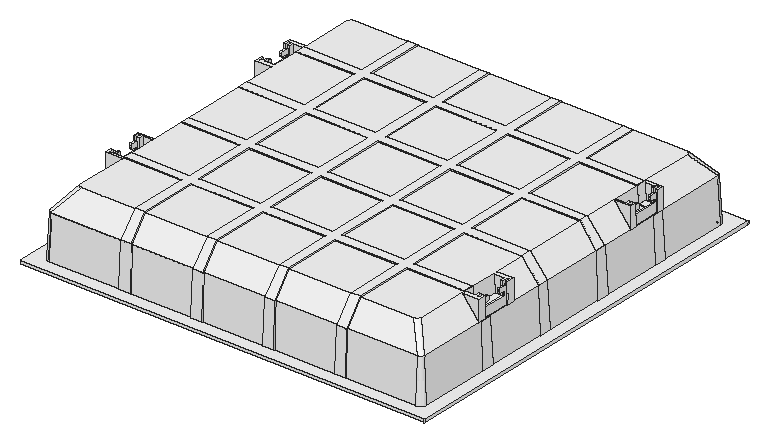
Revit family "STL24909BR_30_40_STL24909PTO_30_40", category Luminárias, Revit 2023
Family settings
  Hospedeiro = Forro
  Cota do conector redondo = Utilizar diâmetro
  Tipo de parte = Normal
  Número OmniClass = 23.80.70.11
  Título OmniClass = Luminaries for Internal Lighting
  Sempre na vertical = Sim
  Corte com vazios quando carregada = Não
  Fonte luminosa = Sim
  Manter orientação da anotação = Não
  Compartilhado = Não
  Ponto de cálculo do ambiente = Não
Parameters (values of type "STL24909BR/30 - BIVOLT - 3000K - 2400lm - 85°")
  Ângulo de inclinação = 90.00°
  Ângulo de Abertura = "85°"
  Wattage = 16.1571 W
  URL = "https://stella.com.br/"
  Troca de temperatura da cor de lâmpada com esmaecimento = <Nenhum>
  Tensão Elétrica = "127V"
  built-in parameter 1150107 = 3000 (stored number, unit not read)
  Temperatura da cor (K) = 3000 K
  Referência = "STL24909BR/30 - BIVOLT"
  Potência = 26 W
  built-in parameter 1150110 = 1 (stored number, unit not read)
  built-in parameter 1150109 = 1 (stored number, unit not read)
  built-in parameter 1114218 = 1 (stored number, unit not read)
  built-in parameter 1150112 = 1 (stored number, unit not read)
  built-in parameter 1150113 = 1 (stored number, unit not read)
  built-in parameter 1150132 = 2
  built-in parameter 1150137 = (empty or 0)
  Modelo = "S.Deep - Luminária de Embutir Super-recuada"
  Luminoso = Luminoso - 3000K
  built-in parameter 1150106 = 12.335 (stored number, unit not read)
  Largura = 0.40 m
  built-in parameter 1150102 = (empty or 0)
  built-in parameter 1150105 = 1233.5 (stored number, unit not read)
  IRC (Índice de reprodução de cores) = ">93 (R9 >60)"
  Grau de proteção (IP) = "IP20"
  Fluxo Luminoso = 2400 lm
  Color Filter = 16777215
  built-in parameter 1114217 = 1 (stored number, unit not read)
  built-in parameter 1150139 = (empty or 0)
  Fabricante = "Stella"
  Estrutura = Al - Branco
  Default Elevation = 0.00 m
  built-in parameter 1150104 = 13.8 (stored number, unit not read)
  Dimerização = "20-100%"
  built-in parameter 1150115 = 1 (stored number, unit not read)
  built-in parameter 1150114 = 1 (stored number, unit not read)
  Lumens = 2400 lm
  built-in parameter 1150138 = (empty or 0)
  built-in parameter 1150134 = (empty or 0)
  Comprimento = 0.40 m
  Arquivo de rede fotométrica = "STELLA - STL24909BR-30 - PAINEL DE EMBUTIR SUPER RECUADO S.DEEP 26W.IES"
  Altura = 0.067 m
  built-in parameter 1150133 = 10 (stored number, unit not read)
Reference planes (m)
  plane 1 "Eixo de origem da luz (F/T)": y = 0
  plane 2: z = 0
  plane 3 "Eixo de origem da luz (E/D)": x = 0
  plane 4 "Forro": z = 2.5015
  plane 5 "Elevação da origem da luz": z = 2.5085
  plane 6: x = -0.2
  plane 7: x = 0.2
  plane 8: y = -0.2
  plane 9: y = 0.2
  plane 10: z = 2.4985
  plane 11 "Superior": z = 2.5655
Forms (m)
  Sweep 1, solid, material "Al - Branco" <- "Estrutura"
    path origin (0, 0, 2.5015) x (0, 1, 0) y (-1, 0, 0)
      loop
        line (0.181131, 0.187123) -> (-0.181131, 0.187123)
        arc (-0.181131, 0.187123) -> (-0.185368, 0.185368) -> (-0.187123, 0.181131) r 0.005992
        line (-0.187123, 0.181131) -> (-0.187123, -0.181131)
        arc (-0.187123, -0.181131) -> (-0.185368, -0.185368) -> (-0.181131, -0.187123) r 0.005992
        line (-0.181131, -0.187123) -> (0.181131, -0.187123)
        arc (0.181131, -0.187123) -> (0.185368, -0.185368) -> (0.187123, -0.181131) r 0.005992
        line (0.187123, -0.181131) -> (0.187123, 0.181131)
        arc (0.187123, 0.181131) -> (0.185368, 0.185368) -> (0.181131, 0.187123) r 0.005992
    profile origin (-0.187123, 0, 2.5015) x (-1, 0, 0) y (0, 0, 1)
      loop
        line (-0.004191, 0.041751) -> (-0.002003, 0) -> (0, 0) -> (-0.002227, 0.0425) -> (-0.004191, 0.041751)
  Blend 2, solid, material "Al - Branco" <- "Estrutura"
    base sketch origin (0, 0, 2.5015) x (0, 1, 0) y (-1, 0, 0)
      loop
        arc (0.184896, 0.181131) -> (0.183793, 0.183793) -> (0.181131, 0.184896) r 0.003764
        line (0.181131, 0.184896) -> (-0.181131, 0.184896)
        arc (-0.181131, 0.184896) -> (-0.183793, 0.183793) -> (-0.184896, 0.181131) r 0.003764
        line (-0.184896, 0.181131) -> (-0.184896, -0.181131)
        arc (-0.184896, -0.181131) -> (-0.183793, -0.183793) -> (-0.181131, -0.184896) r 0.003764
        line (-0.181131, -0.184896) -> (0.181131, -0.184896)
        arc (0.181131, -0.184896) -> (0.183793, -0.183793) -> (0.184896, -0.181131) r 0.003764
        line (0.184896, -0.181131) -> (0.184896, 0.181131)
    top sketch origin (0, 0, 2.5015) x (0, 1, 0) y (-1, 0, 0)
      loop
        arc (0.16832, 0.163831) -> (0.167005, 0.167005) -> (0.163831, 0.16832) r 0.004489
        line (0.163831, 0.16832) -> (-0.163831, 0.16832)
        arc (-0.163831, 0.16832) -> (-0.167005, 0.167005) -> (-0.16832, 0.163831) r 0.004489
        line (-0.16832, 0.163831) -> (-0.16832, -0.163831)
        arc (-0.16832, -0.163831) -> (-0.167005, -0.167005) -> (-0.163831, -0.16832) r 0.004489
        line (-0.163831, -0.16832) -> (0.163831, -0.16832)
        arc (0.163831, -0.16832) -> (0.167005, -0.167005) -> (0.16832, -0.163831) r 0.004489
        line (0.16832, -0.163831) -> (0.16832, 0.163831)
    from 0.0425 to 0.0631
  Extrusion 3, solid, material "Al - Branco" <- "Estrutura"
    sketch origin (0, 0, 0) x (1, 0, 0) y (0, 0, 1)
      loop
        line (0.16832, 2.5646) -> (0.16832, 2.543251) -> (0.182932, 2.543251) -> (0.184896, 2.544) -> (0.184536, 2.5646) -> (0.16832, 2.5646)
    from -0.114467 to -0.071058
  Extrusion 4, void
    sketch origin (0, 0, 0) x (0, 1, 0) y (0, 0, 1)
      loop
        line (0.113143, 2.54173) -> (0.115219, 2.54173) -> (0.115219, 2.56606) -> (0.112725, 2.56606) -> (0.113143, 2.54173)
      loop
        line (0.072857, 2.54173) -> (0.073275, 2.56606) -> (0.070781, 2.56606) -> (0.070781, 2.54173) -> (0.072857, 2.54173)
    from 0.16812 to 0.18512
  Extrusion 5, void
    sketch origin (0, 0, 2.5015) x (0, 1, 0) y (-1, 0, 0)
      loop
        line (0.10689, -0.178482) -> (0.110469, -0.178482) -> (0.110469, -0.166955) -> (0.07554, -0.166955) -> (0.07554, -0.178482) -> (0.079118, -0.178482) -> (0.079118, -0.180798) -> (0.075294, -0.180798) -> (0.075294, -0.182998) -> (0.079118, -0.182998) -> (0.079118, -0.186216) -> (0.10689, -0.186216) -> (0.10689, -0.182998) -> (0.110715, -0.182998) -> (0.110715, -0.180798) -> (0.10689, -0.180798) -> (0.10689, -0.178482)
    from 0.0425 to 0.0636
  Extrusion 6, void
    sketch origin (0, 0, 0) x (1, 0, 0) y (0, 0, 1)
      loop
        line (0.178784, 2.5485) -> (0.178863, 2.544) -> (0.185077, 2.544) -> (0.185077, 2.565984) -> (0.168199, 2.565984) -> (0.169729, 2.5485) -> (0.178784, 2.5485)
    from -0.110469 to -0.07554
  Extrusion 7, solid, material "Al - Branco" <- "Estrutura"
    sketch origin (0, 0, 0) x (0, 1, 0) y (0, 0, 1)
      loop
        arc (0.0775, 2.561) -> (0.076086, 2.560414) -> (0.0755, 2.559) r 0.002
        line (0.0755, 2.559) -> (0.0755, 2.5419) -> (0.0725, 2.5419)
        arc (0.0725, 2.5419) -> (0.071793, 2.541607) -> (0.0715, 2.5409) r 0.001
        line (0.0715, 2.5409) -> (0.0715, 2.5389)
        arc (0.0715, 2.5389) -> (0.071793, 2.538193) -> (0.0725, 2.5379) r 0.001
        line (0.0725, 2.5379) -> (0.1135, 2.5379)
        arc (0.1135, 2.5379) -> (0.114207, 2.538193) -> (0.1145, 2.5389) r 0.001
        line (0.1145, 2.5389) -> (0.1145, 2.5409)
        arc (0.1145, 2.5409) -> (0.114207, 2.541607) -> (0.1135, 2.5419) r 0.001
        line (0.1135, 2.5419) -> (0.1105, 2.5419) -> (0.1105, 2.559)
        arc (0.1105, 2.559) -> (0.109914, 2.560414) -> (0.1085, 2.561) r 0.002
        line (0.1085, 2.561) -> (0.101, 2.561)
        arc (0.101, 2.561) -> (0.100293, 2.560707) -> (0.1, 2.56) r 0.001
        line (0.1, 2.56) -> (0.1, 2.5575)
        arc (0.1, 2.5575) -> (0.100293, 2.556793) -> (0.101, 2.5565) r 0.001
        line (0.101, 2.5565) -> (0.106, 2.5565)
        arc (0.106, 2.5565) -> (0.106354, 2.556354) -> (0.1065, 2.556) r 0.0005
        line (0.1065, 2.556) -> (0.1065, 2.5529)
        arc (0.1065, 2.5529) -> (0.106354, 2.552546) -> (0.106, 2.5524) r 0.0005
        line (0.106, 2.5524) -> (0.08, 2.5524)
        arc (0.08, 2.5524) -> (0.079646, 2.552546) -> (0.0795, 2.5529) r 0.0005
        line (0.0795, 2.5529) -> (0.0795, 2.556)
        arc (0.0795, 2.556) -> (0.079646, 2.556354) -> (0.08, 2.5565) r 0.0005
        line (0.08, 2.5565) -> (0.085, 2.5565)
        arc (0.085, 2.5565) -> (0.085707, 2.556793) -> (0.086, 2.5575) r 0.001
        line (0.086, 2.5575) -> (0.086, 2.56)
        arc (0.086, 2.56) -> (0.085707, 2.560707) -> (0.085, 2.561) r 0.001
        line (0.085, 2.561) -> (0.0775, 2.561)
    from 0.180898 to 0.182898
  Extrusion 8, solid, material "Al - Branco" <- "Estrutura"
    sketch origin (0, 0, 0) x (1, 0, 0) y (0, 0, -1)
      loop
        line (0.16832, -2.5646) -> (0.184536, -2.5646) -> (0.184896, -2.544) -> (0.182932, -2.543251) -> (0.16832, -2.543251) -> (0.16832, -2.5646)
    from -0.114467 to -0.071058
  Extrusion 9, void
    sketch origin (0, 0, 0) x (0, -1, 0) y (0, 0, -1)
      loop
        line (0.113143, -2.54173) -> (0.112725, -2.56606) -> (0.115219, -2.56606) -> (0.115219, -2.54173) -> (0.113143, -2.54173)
      loop
        line (0.072857, -2.54173) -> (0.070781, -2.54173) -> (0.070781, -2.56606) -> (0.073275, -2.56606) -> (0.072857, -2.54173)
    from 0.16812 to 0.18512
  Extrusion 10, void
    sketch origin (0, 0, 2.5015) x (0, 1, 0) y (-1, 0, 0)
      loop
        line (-0.10689, -0.178482) -> (-0.10689, -0.180798) -> (-0.110715, -0.180798) -> (-0.110715, -0.182998) -> (-0.10689, -0.182998) -> (-0.10689, -0.186216) -> (-0.079118, -0.186216) -> (-0.079118, -0.182998) -> (-0.075294, -0.182998) -> (-0.075294, -0.180798) -> (-0.079118, -0.180798) -> (-0.079118, -0.178482) -> (-0.07554, -0.178482) -> (-0.07554, -0.166955) -> (-0.110469, -0.166955) -> (-0.110469, -0.178482) -> (-0.10689, -0.178482)
    from 0.0425 to 0.0636
  Extrusion 11, void
    sketch origin (0, 0, 0) x (1, 0, 0) y (0, 0, -1)
      loop
        line (0.178784, -2.5485) -> (0.169729, -2.5485) -> (0.168199, -2.565984) -> (0.185077, -2.565984) -> (0.185077, -2.544) -> (0.178863, -2.544) -> (0.178784, -2.5485)
    from -0.110469 to -0.07554
  Extrusion 12, solid, material "Al - Branco" <- "Estrutura"
    sketch origin (0, 0, 0) x (0, -1, 0) y (0, 0, -1)
      loop
        line (0.0775, -2.561) -> (0.085, -2.561)
        arc (0.085, -2.561) -> (0.085707, -2.560707) -> (0.086, -2.56) r 0.001
        line (0.086, -2.56) -> (0.086, -2.5575)
        arc (0.086, -2.5575) -> (0.085707, -2.556793) -> (0.085, -2.5565) r 0.001
        line (0.085, -2.5565) -> (0.08, -2.5565)
        arc (0.08, -2.5565) -> (0.079646, -2.556354) -> (0.0795, -2.556) r 0.0005
        line (0.0795, -2.556) -> (0.0795, -2.5529)
        arc (0.0795, -2.5529) -> (0.079646, -2.552546) -> (0.08, -2.5524) r 0.0005
        line (0.08, -2.5524) -> (0.106, -2.5524)
        arc (0.106, -2.5524) -> (0.106354, -2.552546) -> (0.1065, -2.5529) r 0.0005
        line (0.1065, -2.5529) -> (0.1065, -2.556)
        arc (0.1065, -2.556) -> (0.106354, -2.556354) -> (0.106, -2.5565) r 0.0005
        line (0.106, -2.5565) -> (0.101, -2.5565)
        arc (0.101, -2.5565) -> (0.100293, -2.556793) -> (0.1, -2.5575) r 0.001
        line (0.1, -2.5575) -> (0.1, -2.56)
        arc (0.1, -2.56) -> (0.100293, -2.560707) -> (0.101, -2.561) r 0.001
        line (0.101, -2.561) -> (0.1085, -2.561)
        arc (0.1085, -2.561) -> (0.109914, -2.560414) -> (0.1105, -2.559) r 0.002
        line (0.1105, -2.559) -> (0.1105, -2.5419) -> (0.1135, -2.5419)
        arc (0.1135, -2.5419) -> (0.114207, -2.541607) -> (0.1145, -2.5409) r 0.001
        line (0.1145, -2.5409) -> (0.1145, -2.5389)
        arc (0.1145, -2.5389) -> (0.114207, -2.538193) -> (0.1135, -2.5379) r 0.001
        line (0.1135, -2.5379) -> (0.0725, -2.5379)
        arc (0.0725, -2.5379) -> (0.071793, -2.538193) -> (0.0715, -2.5389) r 0.001
        line (0.0715, -2.5389) -> (0.0715, -2.5409)
        arc (0.0715, -2.5409) -> (0.071793, -2.541607) -> (0.0725, -2.5419) r 0.001
        line (0.0725, -2.5419) -> (0.0755, -2.5419) -> (0.0755, -2.559)
        arc (0.0755, -2.559) -> (0.076086, -2.560414) -> (0.0775, -2.561) r 0.002
    from 0.180898 to 0.182898
  Extrusion 13, solid, material "Al - Branco" <- "Estrutura"
    sketch origin (0, 0, 0) x (-1, 0, 0) y (0, 0, -1)
      loop
        line (0.16832, -2.5646) -> (0.184536, -2.5646) -> (0.184896, -2.544) -> (0.182932, -2.543251) -> (0.16832, -2.543251) -> (0.16832, -2.5646)
    from -0.114467 to -0.071058
  Extrusion 14, void
    sketch origin (0, 0, 0) x (0, 1, 0) y (0, 0, -1)
      loop
        line (0.113143, -2.54173) -> (0.112725, -2.56606) -> (0.115219, -2.56606) -> (0.115219, -2.54173) -> (0.113143, -2.54173)
      loop
        line (0.072857, -2.54173) -> (0.070781, -2.54173) -> (0.070781, -2.56606) -> (0.073275, -2.56606) -> (0.072857, -2.54173)
    from 0.16812 to 0.18512
  Extrusion 15, void
    sketch origin (0, 0, 2.5015) x (0, -1, 0) y (1, 0, 0)
      loop
        line (-0.10689, -0.178482) -> (-0.10689, -0.180798) -> (-0.110715, -0.180798) -> (-0.110715, -0.182998) -> (-0.10689, -0.182998) -> (-0.10689, -0.186216) -> (-0.079118, -0.186216) -> (-0.079118, -0.182998) -> (-0.075294, -0.182998) -> (-0.075294, -0.180798) -> (-0.079118, -0.180798) -> (-0.079118, -0.178482) -> (-0.07554, -0.178482) -> (-0.07554, -0.166955) -> (-0.110469, -0.166955) -> (-0.110469, -0.178482) -> (-0.10689, -0.178482)
    from 0.0425 to 0.0636
  Extrusion 16, void
    sketch origin (0, 0, 0) x (-1, 0, 0) y (0, 0, -1)
      loop
        line (0.178784, -2.5485) -> (0.169729, -2.5485) -> (0.168199, -2.565984) -> (0.185077, -2.565984) -> (0.185077, -2.544) -> (0.178863, -2.544) -> (0.178784, -2.5485)
    from -0.110469 to -0.07554
  Extrusion 17, solid, material "Al - Branco" <- "Estrutura"
    sketch origin (0, 0, 0) x (0, 1, 0) y (0, 0, -1)
      loop
        line (0.0775, -2.561) -> (0.085, -2.561)
        arc (0.085, -2.561) -> (0.085707, -2.560707) -> (0.086, -2.56) r 0.001
        line (0.086, -2.56) -> (0.086, -2.5575)
        arc (0.086, -2.5575) -> (0.085707, -2.556793) -> (0.085, -2.5565) r 0.001
        line (0.085, -2.5565) -> (0.08, -2.5565)
        arc (0.08, -2.5565) -> (0.079646, -2.556354) -> (0.0795, -2.556) r 0.0005
        line (0.0795, -2.556) -> (0.0795, -2.5529)
        arc (0.0795, -2.5529) -> (0.079646, -2.552546) -> (0.08, -2.5524) r 0.0005
        line (0.08, -2.5524) -> (0.106, -2.5524)
        arc (0.106, -2.5524) -> (0.106354, -2.552546) -> (0.1065, -2.5529) r 0.0005
        line (0.1065, -2.5529) -> (0.1065, -2.556)
        arc (0.1065, -2.556) -> (0.106354, -2.556354) -> (0.106, -2.5565) r 0.0005
        line (0.106, -2.5565) -> (0.101, -2.5565)
        arc (0.101, -2.5565) -> (0.100293, -2.556793) -> (0.1, -2.5575) r 0.001
        line (0.1, -2.5575) -> (0.1, -2.56)
        arc (0.1, -2.56) -> (0.100293, -2.560707) -> (0.101, -2.561) r 0.001
        line (0.101, -2.561) -> (0.1085, -2.561)
        arc (0.1085, -2.561) -> (0.109914, -2.560414) -> (0.1105, -2.559) r 0.002
        line (0.1105, -2.559) -> (0.1105, -2.5419) -> (0.1135, -2.5419)
        arc (0.1135, -2.5419) -> (0.114207, -2.541607) -> (0.1145, -2.5409) r 0.001
        line (0.1145, -2.5409) -> (0.1145, -2.5389)
        arc (0.1145, -2.5389) -> (0.114207, -2.538193) -> (0.1135, -2.5379) r 0.001
        line (0.1135, -2.5379) -> (0.0725, -2.5379)
        arc (0.0725, -2.5379) -> (0.071793, -2.538193) -> (0.0715, -2.5389) r 0.001
        line (0.0715, -2.5389) -> (0.0715, -2.5409)
        arc (0.0715, -2.5409) -> (0.071793, -2.541607) -> (0.0725, -2.5419) r 0.001
        line (0.0725, -2.5419) -> (0.0755, -2.5419) -> (0.0755, -2.559)
        arc (0.0755, -2.559) -> (0.076086, -2.560414) -> (0.0775, -2.561) r 0.002
    from 0.180898 to 0.182898
  Extrusion 18, solid, material "Al - Branco" <- "Estrutura"
    sketch origin (0, 0, 0) x (-1, 0, 0) y (0, 0, 1)
      loop
        line (0.16832, 2.5646) -> (0.16832, 2.543251) -> (0.182932, 2.543251) -> (0.184896, 2.544) -> (0.184536, 2.5646) -> (0.16832, 2.5646)
    from -0.114467 to -0.071058
  Extrusion 19, void
    sketch origin (0, 0, 0) x (0, -1, 0) y (0, 0, 1)
      loop
        line (0.113143, 2.54173) -> (0.115219, 2.54173) -> (0.115219, 2.56606) -> (0.112725, 2.56606) -> (0.113143, 2.54173)
      loop
        line (0.072857, 2.54173) -> (0.073275, 2.56606) -> (0.070781, 2.56606) -> (0.070781, 2.54173) -> (0.072857, 2.54173)
    from 0.16812 to 0.18512
  Extrusion 20, void
    sketch origin (0, 0, 2.5015) x (0, -1, 0) y (1, 0, 0)
      loop
        line (0.10689, -0.178482) -> (0.110469, -0.178482) -> (0.110469, -0.166955) -> (0.07554, -0.166955) -> (0.07554, -0.178482) -> (0.079118, -0.178482) -> (0.079118, -0.180798) -> (0.075294, -0.180798) -> (0.075294, -0.182998) -> (0.079118, -0.182998) -> (0.079118, -0.186216) -> (0.10689, -0.186216) -> (0.10689, -0.182998) -> (0.110715, -0.182998) -> (0.110715, -0.180798) -> (0.10689, -0.180798) -> (0.10689, -0.178482)
    from 0.0425 to 0.0636
  Extrusion 21, void
    sketch origin (0, 0, 0) x (-1, 0, 0) y (0, 0, 1)
      loop
        line (0.178784, 2.5485) -> (0.178863, 2.544) -> (0.185077, 2.544) -> (0.185077, 2.565984) -> (0.168199, 2.565984) -> (0.169729, 2.5485) -> (0.178784, 2.5485)
    from -0.110469 to -0.07554
  Extrusion 22, solid, material "Al - Branco" <- "Estrutura"
    sketch origin (0, 0, 0) x (0, -1, 0) y (0, 0, 1)
      loop
        arc (0.0775, 2.561) -> (0.076086, 2.560414) -> (0.0755, 2.559) r 0.002
        line (0.0755, 2.559) -> (0.0755, 2.5419) -> (0.0725, 2.5419)
        arc (0.0725, 2.5419) -> (0.071793, 2.541607) -> (0.0715, 2.5409) r 0.001
        line (0.0715, 2.5409) -> (0.0715, 2.5389)
        arc (0.0715, 2.5389) -> (0.071793, 2.538193) -> (0.0725, 2.5379) r 0.001
        line (0.0725, 2.5379) -> (0.1135, 2.5379)
        arc (0.1135, 2.5379) -> (0.114207, 2.538193) -> (0.1145, 2.5389) r 0.001
        line (0.1145, 2.5389) -> (0.1145, 2.5409)
        arc (0.1145, 2.5409) -> (0.114207, 2.541607) -> (0.1135, 2.5419) r 0.001
        line (0.1135, 2.5419) -> (0.1105, 2.5419) -> (0.1105, 2.559)
        arc (0.1105, 2.559) -> (0.109914, 2.560414) -> (0.1085, 2.561) r 0.002
        line (0.1085, 2.561) -> (0.101, 2.561)
        arc (0.101, 2.561) -> (0.100293, 2.560707) -> (0.1, 2.56) r 0.001
        line (0.1, 2.56) -> (0.1, 2.5575)
        arc (0.1, 2.5575) -> (0.100293, 2.556793) -> (0.101, 2.5565) r 0.001
        line (0.101, 2.5565) -> (0.106, 2.5565)
        arc (0.106, 2.5565) -> (0.106354, 2.556354) -> (0.1065, 2.556) r 0.0005
        line (0.1065, 2.556) -> (0.1065, 2.5529)
        arc (0.1065, 2.5529) -> (0.106354, 2.552546) -> (0.106, 2.5524) r 0.0005
        line (0.106, 2.5524) -> (0.08, 2.5524)
        arc (0.08, 2.5524) -> (0.079646, 2.552546) -> (0.0795, 2.5529) r 0.0005
        line (0.0795, 2.5529) -> (0.0795, 2.556)
        arc (0.0795, 2.556) -> (0.079646, 2.556354) -> (0.08, 2.5565) r 0.0005
        line (0.08, 2.5565) -> (0.085, 2.5565)
        arc (0.085, 2.5565) -> (0.085707, 2.556793) -> (0.086, 2.5575) r 0.001
        line (0.086, 2.5575) -> (0.086, 2.56)
        arc (0.086, 2.56) -> (0.085707, 2.560707) -> (0.085, 2.561) r 0.001
        line (0.085, 2.561) -> (0.0775, 2.561)
    from 0.180898 to 0.182898
  Sweep 23, solid, material "Al - Branco" <- "Estrutura"
    path origin (0, 0, 2.5015) x (0, 1, 0) y (-1, 0, 0)
      loop
        line (0.181131, 0.187123) -> (-0.181131, 0.187123)
        arc (-0.181131, 0.187123) -> (-0.185368, 0.185368) -> (-0.187123, 0.181131) r 0.005992
        line (-0.187123, 0.181131) -> (-0.187123, -0.181131)
        arc (-0.187123, -0.181131) -> (-0.185368, -0.185368) -> (-0.181131, -0.187123) r 0.005992
        line (-0.181131, -0.187123) -> (0.181131, -0.187123)
        arc (0.181131, -0.187123) -> (0.185368, -0.185368) -> (0.187123, -0.181131) r 0.005992
        line (0.187123, -0.181131) -> (0.187123, 0.181131)
        arc (0.187123, 0.181131) -> (0.185368, 0.185368) -> (0.181131, 0.187123) r 0.005992
    profile origin (-0.187123, 0, 2.5015) x (-1, 0, 0) y (0, 0, 1)
      loop
        line (-0.001502, 0) -> (0.0005, 0) -> (-0.001727, 0.0425) -> (-0.00369, 0.041751) -> (-0.001502, 0)
  Blend 24, solid, material "Al - Branco" <- "Estrutura"
    base sketch origin (0, 0, 2.5015) x (0, 1, 0) y (-1, 0, 0)
      loop
        arc (0.185396, 0.181131) -> (0.184147, 0.184147) -> (0.181131, 0.185396) r 0.004264
        line (0.181131, 0.185396) -> (-0.181131, 0.185396)
        arc (-0.181131, 0.185396) -> (-0.184147, 0.184147) -> (-0.185396, 0.181131) r 0.004264
        line (-0.185396, 0.181131) -> (-0.185396, -0.181131)
        arc (-0.185396, -0.181131) -> (-0.184147, -0.184147) -> (-0.181131, -0.185396) r 0.004264
        line (-0.181131, -0.185396) -> (0.181131, -0.185396)
        arc (0.181131, -0.185396) -> (0.184147, -0.184147) -> (0.185396, -0.181131) r 0.004264
        line (0.185396, -0.181131) -> (0.185396, 0.181131)
    top sketch origin (0, 0, 2.5015) x (0, 1, 0) y (-1, 0, 0)
      loop
        line (0.163831, 0.16832) -> (-0.163831, 0.16832)
        arc (-0.163831, 0.16832) -> (-0.167005, 0.167005) -> (-0.16832, 0.163831) r 0.004489
        line (-0.16832, 0.163831) -> (-0.16832, -0.163831)
        arc (-0.16832, -0.163831) -> (-0.167005, -0.167005) -> (-0.163831, -0.16832) r 0.004489
        line (-0.163831, -0.16832) -> (0.163831, -0.16832)
        arc (0.163831, -0.16832) -> (0.167005, -0.167005) -> (0.16832, -0.163831) r 0.004489
        line (0.16832, -0.163831) -> (0.16832, 0.163831)
        arc (0.16832, 0.163831) -> (0.167005, 0.167005) -> (0.163831, 0.16832) r 0.004489
    from 0.0425 to 0.0636
  Extrusion 25, void
    sketch origin (0, 0, 2.5085) x (-1, 0, 0) y (0, -1, 0)
      loop
        line (0.111, -0.111) -> (0.111, -0.16812) -> (0.111357, -0.184795) -> (0.113142, -0.19038) -> (0.191503, -0.19038) -> (0.191503, -0.113559) -> (0.183813, -0.111) -> (0.111, -0.111)
      loop
        line (0.111, 0.102009) -> (0.111, 0.04) -> (0.16812, 0.04) -> (0.184795, 0.040357) -> (0.19038, 0.042142) -> (0.19038, 0.099867) -> (0.184795, 0.101651) -> (0.16812, 0.102009) -> (0.111, 0.102009)
      loop
        line (0.111, 0.031009) -> (0.111, -0.031009) -> (0.16812, -0.031009) -> (0.184795, -0.030651) -> (0.19038, -0.028867) -> (0.19038, 0.028867) -> (0.184795, 0.030651) -> (0.16812, 0.031009) -> (0.111, 0.031009)
      loop
        line (0.111, -0.04) -> (0.111, -0.102) -> (0.16812, -0.102) -> (0.184795, -0.101643) -> (0.19038, -0.099858) -> (0.19038, -0.042142) -> (0.184795, -0.040357) -> (0.16812, -0.04) -> (0.111, -0.04)
      loop
        line (-0.111, -0.111) -> (-0.183813, -0.111) -> (-0.191503, -0.113559) -> (-0.191503, -0.19038) -> (-0.113142, -0.19038) -> (-0.111357, -0.184795) -> (-0.111, -0.16812) -> (-0.111, -0.111)
      loop
        line (0.111, 0.111) -> (0.183813, 0.111) -> (0.191503, 0.113559) -> (0.191503, 0.19038) -> (0.113142, 0.19038) -> (0.111357, 0.184795) -> (0.111, 0.16812) -> (0.111, 0.111)
      loop
        line (0.102009, 0.111) -> (0.102009, 0.16812) -> (0.101651, 0.184795) -> (0.099867, 0.19038) -> (0.042142, 0.19038) -> (0.040357, 0.184795) -> (0.04, 0.16812) -> (0.04, 0.111) -> (0.102009, 0.111)
      loop
        line (0.031009, 0.111) -> (0.031009, 0.16812) -> (0.030651, 0.184795) -> (0.028867, 0.19038) -> (-0.028867, 0.19038) -> (-0.030651, 0.184795) -> (-0.031009, 0.16812) -> (-0.031009, 0.111) -> (0.031009, 0.111)
      loop
        line (-0.04, 0.111) -> (-0.04, 0.16812) -> (-0.040357, 0.184795) -> (-0.042142, 0.19038) -> (-0.099858, 0.19038) -> (-0.101643, 0.184795) -> (-0.102, 0.16812) -> (-0.102, 0.111) -> (-0.04, 0.111)
      loop
        line (-0.111, 0.111) -> (-0.111, 0.16812) -> (-0.111357, 0.184795) -> (-0.113142, 0.19038) -> (-0.191503, 0.19038) -> (-0.191503, 0.113559) -> (-0.183813, 0.111) -> (-0.111, 0.111)
      loop
        line (-0.111, 0.102009) -> (-0.16812, 0.102009) -> (-0.184795, 0.101651) -> (-0.19038, 0.099867) -> (-0.19038, 0.042142) -> (-0.184795, 0.040357) -> (-0.16812, 0.04) -> (-0.111, 0.04) -> (-0.111, 0.102009)
      loop
        line (-0.111, 0.031009) -> (-0.16812, 0.031009) -> (-0.184795, 0.030651) -> (-0.19038, 0.028867) -> (-0.19038, -0.028867) -> (-0.184795, -0.030651) -> (-0.16812, -0.031009) -> (-0.111, -0.031009) -> (-0.111, 0.031009)
      loop
        line (-0.111, -0.04) -> (-0.16812, -0.04) -> (-0.184795, -0.040357) -> (-0.19038, -0.042142) -> (-0.19038, -0.099858) -> (-0.184795, -0.101643) -> (-0.16812, -0.102) -> (-0.111, -0.102) -> (-0.111, -0.04)
      loop
        line (0.102009, -0.102) -> (0.102009, -0.04) -> (0.04, -0.04) -> (0.04, -0.102) -> (0.102009, -0.102)
      loop
        line (0.031, -0.102) -> (0.031, -0.04) -> (-0.031009, -0.04) -> (-0.031009, -0.102) -> (0.031, -0.102)
      loop
        line (-0.04, -0.04) -> (-0.102009, -0.04) -> (-0.102009, -0.102) -> (-0.04, -0.102) -> (-0.04, -0.04)
      loop
        line (0.102009, 0.102009) -> (0.04, 0.102009) -> (0.04, 0.04) -> (0.102009, 0.04) -> (0.102009, 0.102009)
      loop
        line (0.102009, 0.031009) -> (0.04, 0.031009) -> (0.04, -0.031009) -> (0.102009, -0.031009) -> (0.102009, 0.031009)
      loop
        line (0.031, -0.031009) -> (0.031, 0.031009) -> (-0.031009, 0.031009) -> (-0.031009, -0.031009) -> (0.031, -0.031009)
      loop
        line (-0.04, -0.031009) -> (-0.04, 0.031009) -> (-0.102009, 0.031009) -> (-0.102009, -0.031009) -> (-0.04, -0.031009)
      loop
        line (-0.04, 0.102009) -> (-0.102, 0.102009) -> (-0.102, 0.04) -> (-0.04, 0.04) -> (-0.04, 0.102009)
      loop
        line (0.031, 0.102009) -> (-0.031009, 0.102009) -> (-0.031009, 0.04) -> (0.031, 0.04) -> (0.031, 0.102009)
      loop
        line (0.102009, -0.111) -> (0.04, -0.111) -> (0.04, -0.16812) -> (0.040357, -0.184795) -> (0.042142, -0.19038) -> (0.099867, -0.19038) -> (0.101651, -0.184795) -> (0.102009, -0.16812) -> (0.102009, -0.111)
      loop
        line (0.031009, -0.111) -> (-0.031009, -0.111) -> (-0.031009, -0.16812) -> (-0.030651, -0.184795) -> (-0.028867, -0.19038) -> (0.028867, -0.19038) -> (0.030651, -0.184795) -> (0.031009, -0.16812) -> (0.031009, -0.111)
      loop
        line (-0.04, -0.111) -> (-0.102, -0.111) -> (-0.102, -0.16812) -> (-0.101643, -0.184795) -> (-0.099858, -0.19038) -> (-0.042142, -0.19038) -> (-0.040357, -0.184795) -> (-0.04, -0.16812) -> (-0.04, -0.111)
    from -0.01 to 0.0566
  Blend 26, void
    base sketch origin (0, 0, 2.5015) x (0, 1, 0) y (-1, 0, 0)
      loop
        line (0.181075, 0.183299) -> (-0.181075, 0.183299)
        arc (-0.181075, 0.183299) -> (-0.182647, 0.182647) -> (-0.183299, 0.181075) r 0.002224
        line (-0.183299, 0.181075) -> (-0.183299, -0.181075)
        arc (-0.183299, -0.181075) -> (-0.182647, -0.182647) -> (-0.181075, -0.183299) r 0.002224
        line (-0.181075, -0.183299) -> (0.181075, -0.183299)
        arc (0.181075, -0.183299) -> (0.182647, -0.182647) -> (0.183299, -0.181075) r 0.002224
        line (0.183299, -0.181075) -> (0.183299, 0.181075)
        arc (0.183299, 0.181075) -> (0.182647, 0.182647) -> (0.181075, 0.183299) r 0.002224
    top sketch origin (0, 0, 2.5015) x (0, 1, 0) y (-1, 0, 0)
      loop
        line (0.166251, 0.168) -> (-0.166251, 0.168)
        arc (-0.166251, 0.168) -> (-0.167488, 0.167488) -> (-0.168, 0.166251) r 0.001749
        line (-0.168, 0.166251) -> (-0.168, -0.166251)
        arc (-0.168, -0.166251) -> (-0.167488, -0.167488) -> (-0.166251, -0.168) r 0.001749
        line (-0.166251, -0.168) -> (0.166251, -0.168)
        arc (0.166251, -0.168) -> (0.167488, -0.167488) -> (0.168, -0.166251) r 0.001749
        line (0.168, -0.166251) -> (0.168, 0.166251)
        arc (0.168, 0.166251) -> (0.167488, 0.167488) -> (0.166251, 0.168) r 0.001749
    from -0.003 to 0.037
  Blend 27, solid, material "Al - Branco" <- "Estrutura"
    base sketch origin (0, 0, 2.5015) x (0, 1, 0) y (-1, 0, 0)
      loop
        line (0.185799, -0.181075) -> (0.185799, 0.181075)
        arc (0.185799, 0.181075) -> (0.184415, 0.184415) -> (0.181075, 0.185799) r 0.004724
        line (0.181075, 0.185799) -> (-0.181075, 0.185799)
        arc (-0.181075, 0.185799) -> (-0.184415, 0.184415) -> (-0.185799, 0.181075) r 0.004724
        line (-0.185799, 0.181075) -> (-0.185799, -0.181075)
        arc (-0.185799, -0.181075) -> (-0.184415, -0.184415) -> (-0.181075, -0.185799) r 0.004724
        line (-0.181075, -0.185799) -> (0.181075, -0.185799)
        arc (0.181075, -0.185799) -> (0.184415, -0.184415) -> (0.185799, -0.181075) r 0.004724
    top sketch origin (0, 0, 2.5015) x (0, 1, 0) y (-1, 0, 0)
      loop
        line (0.1705, -0.166251) -> (0.1705, 0.166251)
        arc (0.1705, 0.166251) -> (0.169255, 0.169255) -> (0.166251, 0.1705) r 0.004249
        line (0.166251, 0.1705) -> (-0.166251, 0.1705)
        arc (-0.166251, 0.1705) -> (-0.169255, 0.169255) -> (-0.1705, 0.166251) r 0.004249
        line (-0.1705, 0.166251) -> (-0.1705, -0.166251)
        arc (-0.1705, -0.166251) -> (-0.169255, -0.169255) -> (-0.166251, -0.1705) r 0.004249
        line (-0.166251, -0.1705) -> (0.166251, -0.1705)
        arc (0.166251, -0.1705) -> (0.169255, -0.169255) -> (0.1705, -0.166251) r 0.004249
    from -0.003 to 0.037
  Extrusion 28, solid, material "Al - Branco" <- "Estrutura"
    sketch origin (0, 0, 2.5015) x (0, 1, 0) y (-1, 0, 0)
      loop
        line (0.199301, 0.2) -> (-0.199301, 0.2)
        arc (-0.199301, 0.2) -> (-0.199795, 0.199795) -> (-0.2, 0.199301) r 0.000699
        line (-0.2, 0.199301) -> (-0.2, -0.199301)
        arc (-0.2, -0.199301) -> (-0.199795, -0.199795) -> (-0.199301, -0.2) r 0.000699
        line (-0.199301, -0.2) -> (0.199301, -0.2)
        arc (0.199301, -0.2) -> (0.199795, -0.199795) -> (0.2, -0.199301) r 0.000699
        line (0.2, -0.199301) -> (0.2, 0.199301)
        arc (0.2, 0.199301) -> (0.199795, 0.199795) -> (0.199301, 0.2) r 0.000699
    from -0.003 to 0
  Extrusion 29, solid, material "Luminoso - 3000K" <- "Luminoso"
    sketch origin (0, 0, 0) x (1, 0, 0) y (0, 0, 1)
      loop
        line (0.1775, 2.5385) -> (0.1775, 2.5395) -> (-0.1775, 2.5395) -> (-0.1775, 2.5385) -> (0.1775, 2.5385)
    from -0.1775 to 0.1775
  Extrusion 30, void
    sketch origin (0, 0, 0) x (-1, 0, 0) y (0, 0, -1)
      loop
        line (0.186333, -2.5443) -> (0.179157, -2.5443) -> (0.179079, -2.5488) -> (0.170003, -2.5488) -> (0.1685, -2.565984) -> (0.186333, -2.565984) -> (0.186333, -2.5443)
    from -0.111548 to -0.096836
  Extrusion 31, void
    sketch origin (0, 0, 0) x (-1, 0, 0) y (0, 0, 1)
      loop
        line (0.186333, 2.5443) -> (0.186333, 2.565984) -> (0.1685, 2.565984) -> (0.170003, 2.5488) -> (0.179079, 2.5488) -> (0.179157, 2.5443) -> (0.186333, 2.5443)
    from -0.111548 to -0.096836
  Extrusion 32, void
    sketch origin (0, 0, 0) x (1, 0, 0) y (0, 0, 1)
      loop
        line (0.186333, 2.5443) -> (0.186333, 2.565984) -> (0.1685, 2.565984) -> (0.170003, 2.5488) -> (0.179079, 2.5488) -> (0.179157, 2.5443) -> (0.186333, 2.5443)
    from -0.111548 to -0.096836
  Extrusion 33, void
    sketch origin (0, 0, 0) x (1, 0, 0) y (0, 0, -1)
      loop
        line (0.186333, -2.5443) -> (0.179157, -2.5443) -> (0.179079, -2.5488) -> (0.170003, -2.5488) -> (0.1685, -2.565984) -> (0.186333, -2.565984) -> (0.186333, -2.5443)
    from -0.111548 to -0.096836
  Extrusion 34, void
    sketch origin (0, 0, 2.5015) x (0, 1, 0) y (-1, 0, 0)
      loop
        line (0.2, 0.2) -> (-0.2, 0.2) -> (-0.2, -0.2) -> (0.2, -0.2) -> (0.2, 0.2)
    from -0.003 to 0.064
Cuts and joins
  Extrusion 9, Extrusion 14, Extrusion 16 cuts Extrusion 7
  Extrusion 9, Extrusion 19, Extrusion 21 cuts Extrusion 12
  Extrusion 14, Extrusion 31, Extrusion 32 cuts Extrusion 17
  Extrusion 19, Extrusion 33 cuts Extrusion 22
  Extrusion 25, Extrusion 30, Extrusion 31, Extrusion 32, Extrusion 33 cuts Blend 24
  Extrusion 5 cuts Sweep 1
  Extrusion 6, Extrusion 11, Extrusion 16, Extrusion 21 cuts Blend 2
  Extrusion 4, Extrusion 5 cuts Extrusion 3
  Extrusion 10 cuts Extrusion 8
  Extrusion 15 cuts Extrusion 13
  Extrusion 19, Extrusion 20 cuts Extrusion 18
  Extrusion 25, Extrusion 30, Extrusion 31 cuts Sweep 23
  Blend 26 cuts Blend 27
  Blend 26 cuts Extrusion 28
  joined: Sweep 1, Blend 2, Extrusion 3, Extrusion 8, Extrusion 13, Extrusion 18, Sweep 23, Blend 27, Extrusion 28
Dimensions and locks (m)
  equal spacing: host sketch curve, plane 3 "Eixo de origem da luz (E/D)", host sketch curve
  equal spacing: host sketch curve, plane 1 "Eixo de origem da luz (F/T)", host sketch curve
  host sketch curve to host sketch curve = 0.43 m  (x2)
  plane 4 "Forro" to host ceiling = 0.00 m
  "Comprimento": plane 9 to plane 8
  "Largura": plane 6 to plane 7
  "Altura": plane 10 to plane 11 "Superior"
Automatic sketch dimensions
  plane 8 to Sweep 1 sketch curve = 0.012877 m
  Sweep 1 sketch curve to Sweep 1 sketch curve = 0.005992 m  (x3)
  Sweep 1 sketch curve to plane 9 = 0.018869 m  (x2)
  Sweep 1 sketch curve to plane 7 = 0.012877 m
  plane 6 to Sweep 1 sketch curve = 0.018869 m
  profile plane to Sweep 1 sketch curve = 0.004191 m
  Sweep 1 sketch curve to Sweep 1 sketch curve = 0.001963 m
  plane 4 "Forro" to Sweep 1 sketch curve = 0.00 m
  profile plane to Sweep 1 sketch curve = 0.002003 m
  Sweep 1 sketch curve to profile plane = 0.00 m
  Sweep 1 sketch curve to plane 4 "Forro" = 0.041751 m
  Sweep 1 sketch curve to Sweep 1 sketch curve = 0.000749 m
  plane 8 to Blend 2 sketch curve = 0.015104 m
  Blend 2 sketch curve to Blend 2 sketch curve = 0.003764 m  (x3)
  Blend 2 sketch curve to plane 9 = 0.018869 m  (x2)
  Blend 2 sketch curve to plane 7 = 0.015104 m
  plane 6 to Blend 2 sketch curve = 0.018869 m
  plane 8 to Blend 2 sketch curve = 0.03168 m
  Blend 2 sketch curve to Blend 2 sketch curve = 0.004489 m  (x3)
  Blend 2 sketch curve to plane 9 = 0.036169 m  (x2)
  Blend 2 sketch curve to plane 7 = 0.03168 m
  plane 6 to Blend 2 sketch curve = 0.036169 m
  Extrusion 3 sketch curve to plane 7 = 0.03168 m
  Extrusion 3 sketch curve to Extrusion 3 sketch curve = 0.014612 m
  Extrusion 3 sketch curve to plane 7 = 0.015464 m
  Extrusion 3 sketch curve to Extrusion 3 sketch curve = 0.001963 m
  Extrusion 3 sketch curve to plane 5 "Elevação da origem da luz" = 0.034751 m
  Extrusion 3 sketch curve to Extrusion 3 sketch curve = 0.000749 m
  Extrusion 3 sketch curve to Extrusion 3 sketch curve = 0.0206 m
  Extrusion 4 sketch curve to plane 5 "Elevação da origem da luz" = 0.03323 m  (x2)
  Extrusion 4 sketch curve to plane 1 "Eixo de origem da luz (F/T)" = 0.070781 m
  Extrusion 4 sketch curve to Extrusion 4 sketch curve = 0.002076 m
  Extrusion 4 sketch curve to Extrusion 4 sketch curve = 0.002494 m  (x2)
  Extrusion 4 sketch curve to Extrusion 4 sketch curve = 0.03945 m
  Extrusion 4 sketch curve to Extrusion 4 sketch curve = 0.000418 m
  Extrusion 4 sketch curve to Extrusion 4 sketch curve = 0.02433 m  (x2)
  Extrusion 5 sketch curve to plane 7 = 0.019202 m  (x2)
  Extrusion 5 sketch curve to plane 1 "Eixo de origem da luz (F/T)" = 0.075294 m
  Extrusion 5 sketch curve to Extrusion 5 sketch curve = 0.000246 m  (x2)
  Extrusion 5 sketch curve to Extrusion 5 sketch curve = 0.003825 m
  Extrusion 5 sketch curve to Extrusion 5 sketch curve = 0.00 m  (x2)
  Extrusion 5 sketch curve to Extrusion 5 sketch curve = 0.027772 m
  Extrusion 5 sketch curve to Extrusion 5 sketch curve = 0.003579 m
  Extrusion 5 sketch curve to Extrusion 5 sketch curve = 0.0022 m  (x2)
  Extrusion 5 sketch curve to Extrusion 5 sketch curve = 0.003218 m
  Extrusion 5 sketch curve to Extrusion 5 sketch curve = 0.002316 m  (x2)
  Extrusion 5 sketch curve to Extrusion 5 sketch curve = 0.011527 m
  Extrusion 6 sketch curve to plane 7 = 0.031801 m
  Extrusion 6 sketch curve to Extrusion 6 sketch curve = 0.00153 m
  Extrusion 6 sketch curve to Extrusion 6 sketch curve = 0.009056 m
  Extrusion 6 sketch curve to Extrusion 6 sketch curve = 0.000079 m
  Extrusion 6 sketch curve to plane 7 = 0.014923 m
  Extrusion 6 sketch curve to plane 5 "Elevação da origem da luz" = 0.0355 m
  Extrusion 6 sketch curve to Extrusion 6 sketch curve = 0.0045 m
  Extrusion 6 sketch curve to Extrusion 6 sketch curve = 0.017484 m
  Extrusion 7 sketch curve to plane 5 "Elevação da origem da luz" = 0.0324 m  (x2)
  Extrusion 7 sketch curve to plane 1 "Eixo de origem da luz (F/T)" = 0.0715 m
  Extrusion 7 sketch curve to Extrusion 7 sketch curve = 0.001 m  (x6)
  Extrusion 7 sketch curve to Extrusion 7 sketch curve = 0.003 m  (x2)
  Extrusion 7 sketch curve to Extrusion 7 sketch curve = 0.002 m  (x3)
  Extrusion 7 sketch curve to Extrusion 7 sketch curve = 0.0005 m  (x3)
  Extrusion 7 sketch curve to Extrusion 7 sketch curve = 0.005 m  (x2)
  Extrusion 7 sketch curve to Extrusion 7 sketch curve = 0.00 m  (x3)
  Extrusion 7 sketch curve to Extrusion 7 sketch curve = 0.014 m
  Extrusion 7 sketch curve to Extrusion 7 sketch curve = 0.0025 m  (x3)
  Extrusion 7 sketch curve to Extrusion 7 sketch curve = 0.0045 m
  Extrusion 7 sketch curve to Extrusion 7 sketch curve = 0.0105 m
  Extrusion 7 sketch curve to Extrusion 7 sketch curve = 0.0031 m  (x2)
  Extrusion 8 sketch curve to plane 7 = 0.03168 m
  Extrusion 8 sketch curve to Extrusion 8 sketch curve = 0.014612 m
  Extrusion 8 sketch curve to plane 7 = 0.015464 m
  Extrusion 8 sketch curve to Extrusion 8 sketch curve = 0.001963 m
  Extrusion 8 sketch curve to plane 5 "Elevação da origem da luz" = 0.0561 m
  Extrusion 8 sketch curve to Extrusion 8 sketch curve = 0.0206 m
  Extrusion 8 sketch curve to Extrusion 8 sketch curve = 0.000749 m
  Extrusion 9 sketch curve to plane 5 "Elevação da origem da luz" = 0.03323 m  (x2)
  plane 1 "Eixo de origem da luz (F/T)" to Extrusion 9 sketch curve = 0.070781 m
  Extrusion 9 sketch curve to Extrusion 9 sketch curve = 0.002076 m
  Extrusion 9 sketch curve to Extrusion 9 sketch curve = 0.002494 m  (x2)
  Extrusion 9 sketch curve to Extrusion 9 sketch curve = 0.03945 m
  Extrusion 9 sketch curve to Extrusion 9 sketch curve = 0.000418 m
  Extrusion 9 sketch curve to Extrusion 9 sketch curve = 0.02433 m  (x2)
  Extrusion 10 sketch curve to plane 7 = 0.017002 m  (x2)
  plane 8 to Extrusion 10 sketch curve = 0.089285 m
  Extrusion 10 sketch curve to Extrusion 10 sketch curve = 0.000246 m
  Extrusion 10 sketch curve to Extrusion 10 sketch curve = 0.003579 m  (x2)
  Extrusion 10 sketch curve to Extrusion 10 sketch curve = 0.003825 m  (x2)
  Extrusion 10 sketch curve to Extrusion 10 sketch curve = 0.027772 m
  Extrusion 10 sketch curve to Extrusion 10 sketch curve = 0.00 m
  Extrusion 10 sketch curve to Extrusion 10 sketch curve = 0.003218 m
  Extrusion 10 sketch curve to Extrusion 10 sketch curve = 0.0022 m  (x2)
  Extrusion 10 sketch curve to Extrusion 10 sketch curve = 0.002316 m  (x2)
  Extrusion 10 sketch curve to Extrusion 10 sketch curve = 0.011527 m
  Extrusion 11 sketch curve to plane 7 = 0.031801 m
  Extrusion 11 sketch curve to Extrusion 11 sketch curve = 0.00153 m
  Extrusion 11 sketch curve to Extrusion 11 sketch curve = 0.009056 m
  Extrusion 11 sketch curve to Extrusion 11 sketch curve = 0.000079 m
  Extrusion 11 sketch curve to plane 7 = 0.014923 m
  Extrusion 11 sketch curve to plane 5 "Elevação da origem da luz" = 0.057484 m
  Extrusion 11 sketch curve to Extrusion 11 sketch curve = 0.017484 m
  Extrusion 11 sketch curve to Extrusion 11 sketch curve = 0.0045 m
  Extrusion 12 sketch curve to plane 5 "Elevação da origem da luz" = 0.0324 m
  plane 1 "Eixo de origem da luz (F/T)" to Extrusion 12 sketch curve = 0.0715 m
  Extrusion 12 sketch curve to Extrusion 12 sketch curve = 0.001 m  (x6)
  Extrusion 12 sketch curve to Extrusion 12 sketch curve = 0.003 m  (x2)
  Extrusion 12 sketch curve to Extrusion 12 sketch curve = 0.002 m  (x3)
  Extrusion 12 sketch curve to Extrusion 12 sketch curve = 0.0005 m  (x3)
  Extrusion 12 sketch curve to Extrusion 12 sketch curve = 0.005 m  (x2)
  Extrusion 12 sketch curve to Extrusion 12 sketch curve = 0.00 m  (x3)
  Extrusion 12 sketch curve to Extrusion 12 sketch curve = 0.014 m
  Extrusion 12 sketch curve to Extrusion 12 sketch curve = 0.0025 m  (x3)
  Extrusion 12 sketch curve to Extrusion 12 sketch curve = 0.0045 m
  Extrusion 12 sketch curve to plane 5 "Elevação da origem da luz" = 0.0334 m
  Extrusion 12 sketch curve to Extrusion 12 sketch curve = 0.0105 m
  Extrusion 12 sketch curve to Extrusion 12 sketch curve = 0.0031 m  (x2)
  plane 6 to Extrusion 13 sketch curve = 0.03168 m
  Extrusion 13 sketch curve to Extrusion 13 sketch curve = 0.014612 m
  plane 6 to Extrusion 13 sketch curve = 0.015464 m
  Extrusion 13 sketch curve to Extrusion 13 sketch curve = 0.001963 m
  Extrusion 13 sketch curve to plane 5 "Elevação da origem da luz" = 0.0561 m
  Extrusion 13 sketch curve to Extrusion 13 sketch curve = 0.0206 m
  Extrusion 13 sketch curve to Extrusion 13 sketch curve = 0.000749 m
  Extrusion 14 sketch curve to plane 5 "Elevação da origem da luz" = 0.03323 m  (x2)
  Extrusion 14 sketch curve to plane 1 "Eixo de origem da luz (F/T)" = 0.070781 m
  Extrusion 14 sketch curve to Extrusion 14 sketch curve = 0.002076 m
  Extrusion 14 sketch curve to Extrusion 14 sketch curve = 0.002494 m  (x2)
  Extrusion 14 sketch curve to Extrusion 14 sketch curve = 0.03945 m
  Extrusion 14 sketch curve to Extrusion 14 sketch curve = 0.000418 m
  Extrusion 14 sketch curve to Extrusion 14 sketch curve = 0.02433 m  (x2)
  plane 6 to Extrusion 15 sketch curve = 0.017002 m  (x2)
  Extrusion 15 sketch curve to plane 9 = 0.089285 m
  Extrusion 15 sketch curve to Extrusion 15 sketch curve = 0.000246 m
  Extrusion 15 sketch curve to Extrusion 15 sketch curve = 0.003579 m  (x2)
  Extrusion 15 sketch curve to Extrusion 15 sketch curve = 0.003825 m  (x2)
  Extrusion 15 sketch curve to Extrusion 15 sketch curve = 0.027772 m
  Extrusion 15 sketch curve to Extrusion 15 sketch curve = 0.00 m
  Extrusion 15 sketch curve to Extrusion 15 sketch curve = 0.003218 m
  Extrusion 15 sketch curve to Extrusion 15 sketch curve = 0.0022 m  (x2)
  Extrusion 15 sketch curve to Extrusion 15 sketch curve = 0.002316 m  (x2)
  Extrusion 15 sketch curve to Extrusion 15 sketch curve = 0.011527 m
  plane 6 to Extrusion 16 sketch curve = 0.031801 m
  Extrusion 16 sketch curve to Extrusion 16 sketch curve = 0.00153 m
  Extrusion 16 sketch curve to Extrusion 16 sketch curve = 0.009056 m
  Extrusion 16 sketch curve to Extrusion 16 sketch curve = 0.000079 m
  plane 6 to Extrusion 16 sketch curve = 0.014923 m
  Extrusion 16 sketch curve to plane 5 "Elevação da origem da luz" = 0.057484 m
  Extrusion 16 sketch curve to Extrusion 16 sketch curve = 0.017484 m
  Extrusion 16 sketch curve to Extrusion 16 sketch curve = 0.0045 m
  Extrusion 17 sketch curve to plane 5 "Elevação da origem da luz" = 0.0324 m
  Extrusion 17 sketch curve to plane 1 "Eixo de origem da luz (F/T)" = 0.0715 m
  Extrusion 17 sketch curve to Extrusion 17 sketch curve = 0.001 m  (x6)
  Extrusion 17 sketch curve to Extrusion 17 sketch curve = 0.003 m  (x2)
  Extrusion 17 sketch curve to Extrusion 17 sketch curve = 0.002 m  (x3)
  Extrusion 17 sketch curve to Extrusion 17 sketch curve = 0.0005 m  (x3)
  Extrusion 17 sketch curve to Extrusion 17 sketch curve = 0.005 m  (x2)
  Extrusion 17 sketch curve to Extrusion 17 sketch curve = 0.00 m  (x3)
  Extrusion 17 sketch curve to Extrusion 17 sketch curve = 0.014 m
  Extrusion 17 sketch curve to Extrusion 17 sketch curve = 0.0025 m  (x3)
  Extrusion 17 sketch curve to Extrusion 17 sketch curve = 0.0045 m
  Extrusion 17 sketch curve to plane 5 "Elevação da origem da luz" = 0.0334 m
  Extrusion 17 sketch curve to Extrusion 17 sketch curve = 0.0105 m
  Extrusion 17 sketch curve to Extrusion 17 sketch curve = 0.0031 m  (x2)
  plane 6 to Extrusion 18 sketch curve = 0.03168 m
  Extrusion 18 sketch curve to Extrusion 18 sketch curve = 0.014612 m
  plane 6 to Extrusion 18 sketch curve = 0.015464 m
  Extrusion 18 sketch curve to Extrusion 18 sketch curve = 0.001963 m
  Extrusion 18 sketch curve to plane 5 "Elevação da origem da luz" = 0.034751 m
  Extrusion 18 sketch curve to Extrusion 18 sketch curve = 0.000749 m
  Extrusion 18 sketch curve to Extrusion 18 sketch curve = 0.0206 m
  Extrusion 19 sketch curve to plane 5 "Elevação da origem da luz" = 0.03323 m  (x2)
  plane 1 "Eixo de origem da luz (F/T)" to Extrusion 19 sketch curve = 0.070781 m
  Extrusion 19 sketch curve to Extrusion 19 sketch curve = 0.002076 m
  Extrusion 19 sketch curve to Extrusion 19 sketch curve = 0.002494 m  (x2)
  Extrusion 19 sketch curve to Extrusion 19 sketch curve = 0.03945 m
  Extrusion 19 sketch curve to Extrusion 19 sketch curve = 0.000418 m
  Extrusion 19 sketch curve to Extrusion 19 sketch curve = 0.02433 m  (x2)
  plane 6 to Extrusion 20 sketch curve = 0.019202 m  (x2)
  plane 1 "Eixo de origem da luz (F/T)" to Extrusion 20 sketch curve = 0.075294 m
  Extrusion 20 sketch curve to Extrusion 20 sketch curve = 0.000246 m  (x2)
  Extrusion 20 sketch curve to Extrusion 20 sketch curve = 0.003825 m
  Extrusion 20 sketch curve to Extrusion 20 sketch curve = 0.00 m  (x2)
  Extrusion 20 sketch curve to Extrusion 20 sketch curve = 0.027772 m
  Extrusion 20 sketch curve to Extrusion 20 sketch curve = 0.003579 m
  Extrusion 20 sketch curve to Extrusion 20 sketch curve = 0.0022 m  (x2)
  Extrusion 20 sketch curve to Extrusion 20 sketch curve = 0.003218 m
  Extrusion 20 sketch curve to Extrusion 20 sketch curve = 0.002316 m  (x2)
  Extrusion 20 sketch curve to Extrusion 20 sketch curve = 0.011527 m
  plane 6 to Extrusion 21 sketch curve = 0.031801 m
  Extrusion 21 sketch curve to Extrusion 21 sketch curve = 0.00153 m
  Extrusion 21 sketch curve to Extrusion 21 sketch curve = 0.009056 m
  Extrusion 21 sketch curve to Extrusion 21 sketch curve = 0.000079 m
  plane 6 to Extrusion 21 sketch curve = 0.014923 m
  Extrusion 21 sketch curve to plane 5 "Elevação da origem da luz" = 0.0355 m
  Extrusion 21 sketch curve to Extrusion 21 sketch curve = 0.0045 m
  Extrusion 21 sketch curve to Extrusion 21 sketch curve = 0.017484 m
  Extrusion 22 sketch curve to plane 5 "Elevação da origem da luz" = 0.0324 m  (x2)
  plane 1 "Eixo de origem da luz (F/T)" to Extrusion 22 sketch curve = 0.0715 m
  Extrusion 22 sketch curve to Extrusion 22 sketch curve = 0.001 m  (x6)
  Extrusion 22 sketch curve to Extrusion 22 sketch curve = 0.003 m  (x2)
  Extrusion 22 sketch curve to Extrusion 22 sketch curve = 0.002 m  (x3)
  Extrusion 22 sketch curve to Extrusion 22 sketch curve = 0.0005 m  (x3)
  Extrusion 22 sketch curve to Extrusion 22 sketch curve = 0.005 m  (x2)
  Extrusion 22 sketch curve to Extrusion 22 sketch curve = 0.00 m  (x3)
  Extrusion 22 sketch curve to Extrusion 22 sketch curve = 0.014 m
  Extrusion 22 sketch curve to Extrusion 22 sketch curve = 0.0025 m  (x3)
  Extrusion 22 sketch curve to Extrusion 22 sketch curve = 0.0045 m
  Extrusion 22 sketch curve to Extrusion 22 sketch curve = 0.0105 m
  Extrusion 22 sketch curve to Extrusion 22 sketch curve = 0.0031 m  (x2)
  plane 8 to Sweep 23 sketch curve = 0.012877 m
  Sweep 23 sketch curve to Sweep 23 sketch curve = 0.005992 m  (x3)
  Sweep 23 sketch curve to plane 9 = 0.018869 m  (x2)
  Sweep 23 sketch curve to plane 7 = 0.012877 m
  plane 6 to Sweep 23 sketch curve = 0.018869 m
  profile plane to Sweep 23 sketch curve = 0.00369 m
  profile plane to Sweep 23 sketch curve = 0.001727 m
  plane 4 "Forro" to Sweep 23 sketch curve = 0.00 m
  profile plane to Sweep 23 sketch curve = 0.001502 m
  Sweep 23 sketch curve to profile plane = 0.0005 m
  Sweep 23 sketch curve to plane 4 "Forro" = 0.041751 m
  Sweep 23 sketch curve to Sweep 23 sketch curve = 0.000749 m
  plane 8 to Blend 24 sketch curve = 0.014604 m
  Blend 24 sketch curve to Blend 24 sketch curve = 0.004264 m  (x3)
  Blend 24 sketch curve to plane 9 = 0.018869 m  (x2)
  Blend 24 sketch curve to plane 7 = 0.014604 m
  plane 6 to Blend 24 sketch curve = 0.018869 m
  plane 8 to Blend 24 sketch curve = 0.03168 m
  Blend 24 sketch curve to Blend 24 sketch curve = 0.004489 m  (x3)
  Blend 24 sketch curve to plane 9 = 0.036169 m  (x2)
  Blend 24 sketch curve to plane 7 = 0.03168 m
  plane 6 to Blend 24 sketch curve = 0.036169 m
  Extrusion 25 sketch curve to plane 7 = 0.008497 m  (x2)
  Extrusion 25 sketch curve to plane 7 = 0.00962 m  (x3)
  Extrusion 25 sketch curve to Extrusion 25 sketch curve = 0.005585 m  (x10)
  Extrusion 25 sketch curve to Extrusion 25 sketch curve = 0.007689 m  (x4)
  Extrusion 25 sketch curve to Extrusion 25 sketch curve = 0.016675 m  (x12)
  Extrusion 25 sketch curve to Extrusion 25 sketch curve = 0.00 m  (x41)
  plane 8 to Extrusion 25 sketch curve = 0.00962 m  (x5)
  Extrusion 25 sketch curve to Extrusion 25 sketch curve = 0.078361 m  (x2)
  Extrusion 25 sketch curve to plane 9 = 0.00962 m  (x4)
  Extrusion 25 sketch curve to plane 9 = 0.015205 m  (x8)
  Extrusion 25 sketch curve to Extrusion 25 sketch curve = 0.001785 m  (x28)
  plane 8 to Extrusion 25 sketch curve = 0.015205 m  (x8)
  Extrusion 25 sketch curve to Extrusion 25 sketch curve = 0.05712 m  (x4)
  Extrusion 25 sketch curve to Extrusion 25 sketch curve = 0.000357 m  (x8)
  Extrusion 25 sketch curve to Extrusion 25 sketch curve = 0.008991 m  (x23)
  Extrusion 25 sketch curve to Extrusion 25 sketch curve = 0.009 m  (x4)
  Extrusion 25 sketch curve to Extrusion 25 sketch curve = 0.000009 m  (x2)
  Extrusion 25 sketch curve to Extrusion 25 sketch curve = 0.009715 m  (x2)
  plane 3 "Eixo de origem da luz (E/D)" to Extrusion 25 sketch curve = 0.042142 m  (x2)
  plane 3 "Eixo de origem da luz (E/D)" to Extrusion 25 sketch curve = 0.04 m  (x2)
  Extrusion 25 sketch curve to Extrusion 25 sketch curve = 0.009706 m  (x10)
  Extrusion 25 sketch curve to plane 3 "Eixo de origem da luz (E/D)" = 0.028867 m  (x2)
  Extrusion 25 sketch curve to plane 3 "Eixo de origem da luz (E/D)" = 0.031 m
  Extrusion 25 sketch curve to Extrusion 25 sketch curve = 0.057724 m  (x4)
  Extrusion 25 sketch curve to Extrusion 25 sketch curve = 0.062009 m  (x3)
  plane 6 to Extrusion 25 sketch curve = 0.03188 m  (x4)
  plane 6 to Extrusion 25 sketch curve = 0.016187 m  (x2)
  plane 6 to Extrusion 25 sketch curve = 0.015205 m  (x2)
  Extrusion 25 sketch curve to Extrusion 25 sketch curve = 0.000981 m  (x2)
  Extrusion 25 sketch curve to Extrusion 25 sketch curve = 0.076821 m  (x2)
  Extrusion 25 sketch curve to Extrusion 25 sketch curve = 0.002559 m  (x3)
  Extrusion 25 sketch curve to Extrusion 25 sketch curve = 0.009357 m  (x2)
  Extrusion 25 sketch curve to plane 1 "Eixo de origem da luz (F/T)" = 0.042142 m  (x2)
  Extrusion 25 sketch curve to plane 1 "Eixo de origem da luz (F/T)" = 0.04 m  (x2)
  plane 1 "Eixo de origem da luz (F/T)" to Extrusion 25 sketch curve = 0.028867 m  (x2)
  plane 1 "Eixo de origem da luz (F/T)" to Extrusion 25 sketch curve = 0.031009 m  (x2)
  Extrusion 25 sketch curve to Extrusion 25 sketch curve = 0.009349 m
  plane 8 to Blend 26 sketch curve = 0.016701 m
  Blend 26 sketch curve to Blend 26 sketch curve = 0.002224 m  (x3)
  Blend 26 sketch curve to plane 9 = 0.018925 m  (x2)
  Blend 26 sketch curve to plane 7 = 0.016701 m
  plane 6 to Blend 26 sketch curve = 0.018925 m
  plane 8 to Blend 26 sketch curve = 0.032 m
  Blend 26 sketch curve to Blend 26 sketch curve = 0.001749 m  (x3)
  Blend 26 sketch curve to plane 9 = 0.033749 m  (x2)
  Blend 26 sketch curve to plane 7 = 0.032 m
  plane 6 to Blend 26 sketch curve = 0.033749 m
  plane 8 to Blend 27 sketch curve = 0.014201 m
  Blend 27 sketch curve to Blend 27 sketch curve = 0.004724 m  (x3)
  Blend 27 sketch curve to plane 9 = 0.018925 m  (x2)
  Blend 27 sketch curve to plane 7 = 0.014201 m
  plane 6 to Blend 27 sketch curve = 0.018925 m
  plane 8 to Blend 27 sketch curve = 0.0295 m
  Blend 27 sketch curve to Blend 27 sketch curve = 0.004249 m  (x3)
  Blend 27 sketch curve to plane 9 = 0.033749 m  (x2)
  Blend 27 sketch curve to plane 7 = 0.0295 m
  plane 6 to Blend 27 sketch curve = 0.033749 m
  Extrusion 28 sketch curve to plane 8 = 0.00 m
  Extrusion 28 sketch curve to plane 7 = 0.00 m
  Extrusion 28 sketch curve to plane 6 = 0.00 m
  Extrusion 28 sketch curve to plane 9 = 0.00 m
  plane 8 to Extrusion 28 sketch curve = 0.000699 m  (x2)
  Extrusion 28 sketch curve to Extrusion 28 sketch curve = 0.000699 m
  Extrusion 28 sketch curve to plane 9 = 0.000699 m
  plane 6 to Extrusion 29 sketch curve = 0.0225 m
  Extrusion 29 sketch curve to plane 7 = 0.0225 m
  Extrusion 29 sketch curve to plane 5 "Elevação da origem da luz" = 0.03 m
  Extrusion 29 sketch curve to Extrusion 29 sketch curve = 0.001 m
  plane 6 to Extrusion 30 sketch curve = 0.0315 m
  Extrusion 30 sketch curve to Extrusion 30 sketch curve = 0.001503 m
  Extrusion 30 sketch curve to Extrusion 30 sketch curve = 0.009075 m
  Extrusion 30 sketch curve to Extrusion 30 sketch curve = 0.000079 m
  plane 6 to Extrusion 30 sketch curve = 0.013667 m
  Extrusion 30 sketch curve to plane 5 "Elevação da origem da luz" = 0.057484 m
  Extrusion 30 sketch curve to Extrusion 30 sketch curve = 0.017184 m
  Extrusion 30 sketch curve to Extrusion 30 sketch curve = 0.0045 m
  plane 6 to Extrusion 31 sketch curve = 0.0315 m
  Extrusion 31 sketch curve to Extrusion 31 sketch curve = 0.001503 m
  Extrusion 31 sketch curve to Extrusion 31 sketch curve = 0.009075 m
  Extrusion 31 sketch curve to Extrusion 31 sketch curve = 0.000079 m
  plane 6 to Extrusion 31 sketch curve = 0.013667 m
  Extrusion 31 sketch curve to plane 5 "Elevação da origem da luz" = 0.0358 m
  Extrusion 31 sketch curve to Extrusion 31 sketch curve = 0.0045 m
  Extrusion 31 sketch curve to Extrusion 31 sketch curve = 0.017184 m
  Extrusion 32 sketch curve to plane 7 = 0.0315 m
  Extrusion 32 sketch curve to Extrusion 32 sketch curve = 0.001503 m
  Extrusion 32 sketch curve to Extrusion 32 sketch curve = 0.009075 m
  Extrusion 32 sketch curve to Extrusion 32 sketch curve = 0.000079 m
  Extrusion 32 sketch curve to plane 7 = 0.013667 m
  Extrusion 32 sketch curve to plane 5 "Elevação da origem da luz" = 0.0358 m
  Extrusion 32 sketch curve to Extrusion 32 sketch curve = 0.0045 m
  Extrusion 32 sketch curve to Extrusion 32 sketch curve = 0.017184 m
  Extrusion 33 sketch curve to plane 7 = 0.0315 m
  Extrusion 33 sketch curve to Extrusion 33 sketch curve = 0.001503 m
  Extrusion 33 sketch curve to Extrusion 33 sketch curve = 0.009075 m
  Extrusion 33 sketch curve to Extrusion 33 sketch curve = 0.000079 m
  Extrusion 33 sketch curve to plane 7 = 0.013667 m
  Extrusion 33 sketch curve to plane 5 "Elevação da origem da luz" = 0.057484 m
  Extrusion 33 sketch curve to Extrusion 33 sketch curve = 0.017184 m
  Extrusion 33 sketch curve to Extrusion 33 sketch curve = 0.0045 m
  Extrusion 34 sketch curve to plane 7 = 0.00 m
  Extrusion 34 sketch curve to plane 9 = 0.00 m
